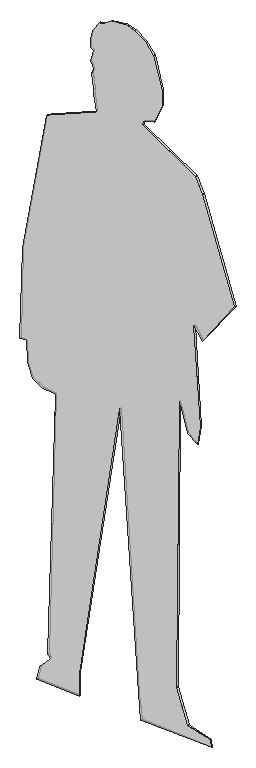
Revit family "ADSK_Антураж_Мужчина_02", category Антураж, Revit 2019
Family settings
  На основе рабочей плоскости = Нет
  Всегда вертикально = Да
  При загрузке вырезать с полостями = Нет
  Источник визуального образа = Геометрия семейства
  Общий = Нет
  Точка расчета площади = Нет
Parameters (values of type "Тип")
  Показать чертеж [instance] = yes
  Высота = 0 mm
  Материал = Антураж
  ADSK_Версия семейства = "1.0"  # constant formula
  ADSK_Версия Revit = "v2019"  # constant formula
Reference planes
  plane 1 "Center (Front/Back)": y = 0
  plane 2: z = 0
  plane 3 "Center (Left/Right)": x = 0
  plane 4: z = 1600
Forms (mm)
  Extrusion 1, solid, material "Антураж" <- "Материал"
    sketch origin (0, 0, 0) x (1, 0, 0) y (0, 0, 1)
      loop
        line (-182.571, 772.501) -> (-205.352, 77.908) -> (-197.509, 70.066) -> (-228.68, 38.895) -> (-238.015, 0) -> (-113.015, 0) -> (-113.015, 59.655) -> (6.752, 801.153) -> (60.176, 67.352) -> (68.323, 0) -> (274.88, 0) -> (272.164, 20.316) -> (206.766, 36.011) -> (173.712, 123.158) -> (181.014, 881.355) -> (204.501, 804.372) -> (235.29, 785.129) -> (242.988, 833.237) -> (223.745, 1096.872) -> (248.761, 1062.233) -> (344.978, 1187.313) -> (250.685, 1450.953) -> (229.517, 1491.363) -> (73.646, 1572.183) -> (75.57, 1581.803) -> (108.284, 1591.423) -> (131.376, 1643.383) -> (131.376, 1683.793) -> (106.36, 1766.543) -> (81.344, 1795.403) -> (50.554, 1812.723) -> (25.538, 1820.423) -> (-16.798, 1814.643) -> (-45.663, 1797.333) -> (-53.36, 1797.333) -> (-74.528, 1768.463) -> (-80.301, 1745.373) -> (-80.301, 1722.283) -> (-71.186, 1718.636) -> (-80.301, 1687.643) -> (-70.784, 1669.623) -> (-76.452, 1654.933) -> (-70.679, 1616.443) -> (-70.679, 1601.043) -> (-63.193, 1558.628) -> (-199.123, 1503.875) -> (-209.231, 1497.133) -> (-280.431, 1125.733) -> (-288.129, 881.346) -> (-269.013, 882.081) -> (-265.037, 825.54) -> (-251.566, 788.977) -> (-220.777, 773.583) -> (-182.571, 772.501)
    from 0 to 5
Lines and regions (mm)
  model lines
    curve 1: line (0, 150, 0) -> (0, -150, 0)
    curve 2: line (-150, 0, 0) -> (150, 0, 0)
Dimensions and locks
  aligned and locked: level to plane 2
